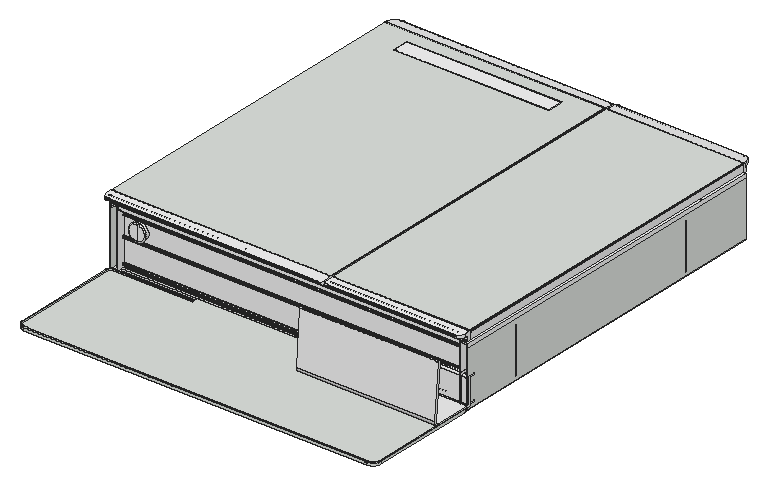
Revit family "Furniture-Lighted_Medicine_Cabinet-KOHLER-Family_Care-K-25238T_1", category Lighting Fixtures, host Face, Revit 2022
Family settings
  Host = Face
  Round Connector Dimension = Use Diameter
  Part Type = Normal
  OmniClass Number = 23.25.53.11.13.11
  OmniClass Title = Medicine Cabinet
  Cut with Voids When Loaded = No
  Light Source = Yes
  Maintain Annotation Orientation = No
  Shared = No
  Room Calculation Point = No
Parameters (values of type "NA-Mild Silver")
  Width = 30 141/256"  # constant formula
  Wattage Comments = "15W"  # constant formula
  Wattage = 8.75174 W
  WaterSense Certified = 1 = 0  # no
  built-in parameter 1150110 = 1 (stored number, unit not read)
  Voltage = 12 V  # constant formula
  URL = "http://www.kohler.com.cn/"
  Type = 1
  built-in parameter 1114217 = 1 (stored number, unit not read)
  built-in parameter 1150109 = 1 (stored number, unit not read)
  built-in parameter 1150134 = (empty or 0)
  built-in parameter 1150113 = 1 (stored number, unit not read)
  Product Page URL = "https://www.kohler.com.cn/product/K-25238T-NA/K-25238T-NA/"
  Product Name = "Family Care"  # constant formula
  Product Documentation Link = "https://files.kohler.com.cn/pdfs/1544090975864_25237T25238T25239T%E4%BA%B2%E6%82%A6%E9%95%9C%E6%9F%9C(%E9%93%B6%E8%89%B2)%E8%AF%B4%E6%98%8E%E4%B9%A6.pdf"
  Model = "K-25238T-NA"  # constant formula
  Material = "Premium Metal Construction"  # constant formula
  Master Format 2014 Name = "Storage Cabinets"  # constant formula
  Master Format 2014 = "41 53 13"  # constant formula
  Manufacturer Address = "Kohler Beijing Office (100016) 36-2-03-B, No. 88, Liuxiang Road, Beijing"  # constant formula
  Manufacturer = "Kohler Co."  # constant formula
  built-in parameter 1150105 = 413.8 (stored number, unit not read)
  Lumens = 1300 lm
  built-in parameter 1150115 = 1 (stored number, unit not read)
  Light Source Symbol Size = 3"  # constant formula
  built-in parameter 1150137 = (empty or 0)
  built-in parameter 1150139 = (empty or 0)
  Length = 6 3/64"  # constant formula
  built-in parameter 1150112 = 1 (stored number, unit not read)
  built-in parameter 1150114 = 1 (stored number, unit not read)
  Lamp = "LED"  # constant formula
  built-in parameter 1150132 = 2
  built-in parameter 1150102 = (empty or 0)
  built-in parameter 1150107 = 3000 (stored number, unit not read)
  built-in parameter 1150138 = (empty or 0)
  built-in parameter 1150106 = 4.138 (stored number, unit not read)
  Height = 40 71/256"  # constant formula
  Hardware Included = 0 = 1  # no
  Finish = KOHLER-Metal-NA-Mild_Silver
  Environmental Product Declaration = ""
  Emit from Line Length = 24"
  Electrical Note = "One Dedicated Circuit Required "  # constant formula
  Electrical Connector = 1 = 1  # yes
  built-in parameter 1150104 = 13.8 (stored number, unit not read)
  Dimming Lamp Color Temperature Shift = Incandescent Lamp Curve
  Description = "Medical Cabinet 800mm (Silver)"  # constant formula
  Default Elevation = 60"
  Declare Label = ""
  Date Modified = "05/19/2022"  # constant formula
  Date Created = "05/19/2022"  # constant formula
  Copyright = "Copyright Kohler Co."  # constant formula
  Contact Us = "http://www.kohler.com.cn/contact/contact-us/"
  Color Filter = 16777215
  built-in parameter 1114218 = 1 (stored number, unit not read)
  built-in parameter 1150133 = 10 (stored number, unit not read)
  Assembly Code = "E2010"
  Apparent Load = 15 VA  # constant formula
  ADA Compliant = 1 = 0  # no
Reference planes (in)
  plane 1 "Center (Front/Back)": y = 0
  plane 2: z = 0
  plane 3 "Center (Left/Right)": x = 0
  plane 4: x = -15.27559
  plane 5: y = 20.13955
  plane 6: y = 17.27615
  plane 7: x = -5.90551
  plane 8: x = 15.27519
  plane 9: y = -13.7126
  plane 10: y = -10.96457
  plane 11: y = -20.1378
  plane 12: x = 3.46457
  plane 13: x = 3.58228
  plane 14: z = 6.04687
  plane 15: z = 5.98683
  plane 16: z = 5.11811
Dimensions and locks (in)
  "Width": plane 4 to plane 8
  "Height": plane 5 to plane 11
  plane 4 to plane 12 = 18.74016"
  plane 13 to plane 8 = 11.69291"
  plane 11 to plane 1 "Center (Front/Back)" = 20.1378"
  "Length": plane 14 to level
  plane 16 to level = 5.11811"
  aligned and locked: plane 2 to host face
  aligned and locked: level to host face
Automatic sketch dimensions
  host sketch curve to host sketch curve = 96"  (x2)
Nested families (in)
  nested 1: "K-25238T" at (0, 4.5793, 0), type "K-25238T"
Connectors (in)
  electrical at (-5.90551, 17.27615, 0), driven by "Voltage", driven by "Apparent Load", driven by "Electrical Connector", driven by "Electrical Note"
    settings: on nested 1, index 1, voltage 12 V, apparent load 15 VA, apparent load phase1 0 VA, apparent load phase2 0 VA, apparent load phase3 0 VA, power factor 1, load classification "Lighting", number of poles 1, system type 30, power factor state 1, is connector primary yes, connector utility yes, sub classification motor no, connector description "One Dedicated Circuit Required "
Definition of nested family "K-25238T"
  Parameters (values of type "K-25238T")
    Material = none
    Default Elevation = 0"
  Reference planes (in)
    plane 1 "Center (Front/Back)": y = 0
    plane 2: z = 0
    plane 3 "Center (Left/Right)": x = 0
    plane 4: x = -15.27559
    plane 5: x = 15.27559
    plane 6: x = 3.46457
    plane 7: x = 3.58268
    plane 8: y = 15.55849
    plane 9: y = -24.7171
    plane 10: y = -15.54387
    plane 11: y = -18.2919
    plane 12: z = 5.11811
    plane 13: z = 6.04724
    plane 14: y = 12.69685
    plane 15: z = 5.98683
    plane 16 "A": x = -13.16142
    plane 17: y = -4.5793
    plane 18: y = -14.76378
    plane 19: x = -5.90551
  Forms (in)
    Extrusion 1, solid, material <- "Material", detail levels medium+fine
      sketch origin (0, 0, 0) x (0, 1, 0) y (0, 0, 1)
        loop
          line (14.76378, 4.82807) -> (14.76378, 5.11811) -> (14.05512, 5.11811) -> (14.05512, 0.35854)
          arc (14.05512, 0.35854) -> (14.02244, 0.27965) -> (13.94356, 0.24698) r 0.11156
          line (13.94356, 0.24698) -> (13.83265, 0.24698)
          arc (13.83265, 0.24698) -> (13.78523, 0.22229) -> (13.77825, 0.16929) r 0.05789
          line (13.77825, 0.16929) -> (13.82874, 0.16929)
          arc (13.82874, 0.16929) -> (13.84415, 0.17719) -> (13.85685, 0.18898) r 0.0632
          line (13.85685, 0.18898) -> (14.2838, 0.18898) -> (14.2838, 0) -> (14.36417, 0) -> (14.36417, 0.19528)
          arc (14.36417, 0.19528) -> (14.34723, 0.23619) -> (14.30633, 0.25313) r 0.05785
          line (14.30633, 0.25313) -> (14.18034, 0.25313)
          arc (14.18034, 0.25313) -> (14.16158, 0.2609) -> (14.15381, 0.27966) r 0.02653
          line (14.15381, 0.27966) -> (14.15381, 0.34966)
          arc (14.15381, 0.34966) -> (14.16024, 0.36423) -> (14.17535, 0.36928) r 0.0197
          arc (14.17535, 0.36928) -> (14.20822, 0.3724) -> (14.23765, 0.38739) r 0.08825
          arc (14.23765, 0.38739) -> (14.24643, 0.42239) -> (14.2145, 0.4392) r 0.02921
          arc (14.2145, 0.4392) -> (14.12476, 0.48973) -> (14.2145, 0.54026) r 0.05909
          arc (14.2145, 0.54026) -> (14.24643, 0.55707) -> (14.23765, 0.59207) r 0.02921
          arc (14.23765, 0.59207) -> (14.20822, 0.60706) -> (14.17535, 0.61018) r 0.08825
          arc (14.17535, 0.61018) -> (14.16024, 0.61523) -> (14.15381, 0.62979) r 0.0197
          line (14.15381, 0.62979) -> (14.15381, 2.41867)
          arc (14.15381, 2.41867) -> (14.16024, 2.43324) -> (14.17535, 2.43828) r 0.0197
          arc (14.17535, 2.43828) -> (14.20822, 2.4414) -> (14.23765, 2.45639) r 0.08825
          arc (14.23765, 2.45639) -> (14.24643, 2.49139) -> (14.2145, 2.50821) r 0.02921
          arc (14.2145, 2.50821) -> (14.12476, 2.55873) -> (14.2145, 2.60926) r 0.05909
          arc (14.2145, 2.60926) -> (14.24643, 2.62607) -> (14.23765, 2.66108) r 0.02921
          arc (14.23765, 2.66108) -> (14.20822, 2.67606) -> (14.17535, 2.67918) r 0.08825
          arc (14.17535, 2.67918) -> (14.16024, 2.68423) -> (14.15381, 2.6988) r 0.0197
          line (14.15381, 2.6988) -> (14.15381, 4.19084)
          arc (14.15381, 4.19084) -> (14.16024, 4.2054) -> (14.17535, 4.21045) r 0.0197
          arc (14.17535, 4.21045) -> (14.20822, 4.21357) -> (14.23765, 4.22856) r 0.08825
          arc (14.23765, 4.22856) -> (14.24643, 4.26356) -> (14.2145, 4.28037) r 0.02921
          arc (14.2145, 4.28037) -> (14.12476, 4.3309) -> (14.2145, 4.38143) r 0.05909
          arc (14.2145, 4.38143) -> (14.24643, 4.39824) -> (14.23765, 4.43324) r 0.02921
          arc (14.23765, 4.43324) -> (14.20822, 4.44823) -> (14.17535, 4.45135) r 0.08825
          arc (14.17535, 4.45135) -> (14.16024, 4.4564) -> (14.15381, 4.47096) r 0.0197
          line (14.15381, 4.47096) -> (14.15381, 4.99029)
          arc (14.15381, 4.99029) -> (14.16241, 5.01108) -> (14.1832, 5.01969) r 0.02939
          line (14.1832, 5.01969) -> (14.66465, 5.01969) -> (14.66465, 4.86948) -> (14.62511, 4.86948) -> (14.62511, 4.80315) -> (14.73886, 4.80315)
          arc (14.73886, 4.80315) -> (14.75648, 4.81045) -> (14.76378, 4.82807) r 0.02492
        loop
          arc (-14.76378, 4.82807) -> (-14.75648, 4.81045) -> (-14.73886, 4.80315) r 0.02492
          line (-14.73886, 4.80315) -> (-14.62511, 4.80315) -> (-14.62511, 4.86948) -> (-14.66465, 4.86948) -> (-14.66465, 5.01969) -> (-14.1832, 5.01969)
          arc (-14.1832, 5.01969) -> (-14.16241, 5.01108) -> (-14.15381, 4.99029) r 0.02939
          line (-14.15381, 4.99029) -> (-14.15381, 4.47096)
          arc (-14.15381, 4.47096) -> (-14.16024, 4.4564) -> (-14.17535, 4.45135) r 0.0197
          arc (-14.17535, 4.45135) -> (-14.20822, 4.44823) -> (-14.23765, 4.43324) r 0.08825
          arc (-14.23765, 4.43324) -> (-14.24643, 4.39824) -> (-14.2145, 4.38143) r 0.02921
          arc (-14.2145, 4.38143) -> (-14.12476, 4.3309) -> (-14.2145, 4.28037) r 0.05909
          arc (-14.2145, 4.28037) -> (-14.24643, 4.26356) -> (-14.23765, 4.22856) r 0.02921
          arc (-14.23765, 4.22856) -> (-14.20822, 4.21357) -> (-14.17535, 4.21045) r 0.08825
          arc (-14.17535, 4.21045) -> (-14.16024, 4.2054) -> (-14.15381, 4.19084) r 0.0197
          line (-14.15381, 4.19084) -> (-14.15381, 2.6988)
          arc (-14.15381, 2.6988) -> (-14.16024, 2.68423) -> (-14.17535, 2.67918) r 0.0197
          arc (-14.17535, 2.67918) -> (-14.20822, 2.67606) -> (-14.23765, 2.66108) r 0.08825
          arc (-14.23765, 2.66108) -> (-14.24643, 2.62607) -> (-14.2145, 2.60926) r 0.02921
          arc (-14.2145, 2.60926) -> (-14.12476, 2.55873) -> (-14.2145, 2.50821) r 0.05909
          arc (-14.2145, 2.50821) -> (-14.24643, 2.49139) -> (-14.23765, 2.45639) r 0.02921
          arc (-14.23765, 2.45639) -> (-14.20822, 2.4414) -> (-14.17535, 2.43828) r 0.08825
          arc (-14.17535, 2.43828) -> (-14.16024, 2.43324) -> (-14.15381, 2.41867) r 0.0197
          line (-14.15381, 2.41867) -> (-14.15381, 0.62979)
          arc (-14.15381, 0.62979) -> (-14.16024, 0.61523) -> (-14.17535, 0.61018) r 0.0197
          arc (-14.17535, 0.61018) -> (-14.20822, 0.60706) -> (-14.23765, 0.59207) r 0.08825
          arc (-14.23765, 0.59207) -> (-14.24643, 0.55707) -> (-14.2145, 0.54026) r 0.02921
          arc (-14.2145, 0.54026) -> (-14.12476, 0.48973) -> (-14.2145, 0.4392) r 0.05909
          arc (-14.2145, 0.4392) -> (-14.24643, 0.42239) -> (-14.23765, 0.38739) r 0.02921
          arc (-14.23765, 0.38739) -> (-14.20822, 0.3724) -> (-14.17535, 0.36928) r 0.08825
          arc (-14.17535, 0.36928) -> (-14.16024, 0.36423) -> (-14.15381, 0.34966) r 0.0197
          line (-14.15381, 0.34966) -> (-14.15381, 0.27966)
          arc (-14.15381, 0.27966) -> (-14.16158, 0.2609) -> (-14.18034, 0.25313) r 0.02653
          line (-14.18034, 0.25313) -> (-14.30633, 0.25313)
          arc (-14.30633, 0.25313) -> (-14.34723, 0.23619) -> (-14.36417, 0.19528) r 0.05785
          line (-14.36417, 0.19528) -> (-14.36417, 0) -> (-14.2838, 0) -> (-14.2838, 0.18898) -> (-13.85685, 0.18898)
          arc (-13.85685, 0.18898) -> (-13.84415, 0.17719) -> (-13.82874, 0.16929) r 0.0632
          line (-13.82874, 0.16929) -> (-13.77825, 0.16929)
          arc (-13.77825, 0.16929) -> (-13.78523, 0.22229) -> (-13.83265, 0.24698) r 0.05789
          line (-13.83265, 0.24698) -> (-13.94356, 0.24698)
          arc (-13.94356, 0.24698) -> (-14.02244, 0.27965) -> (-14.05512, 0.35854) r 0.11156
          line (-14.05512, 0.35854) -> (-14.05512, 5.11811) -> (-14.76378, 5.11811) -> (-14.76378, 4.82807)
      from -14.56542 to 14.56693
    Extrusion 2, solid, material <- "Material", detail levels medium+fine
      sketch origin (0, 0, 0) x (1, 0, 0) y (0, 0, 1)
        loop
          line (-14.56542, 5.11811) -> (-15.27559, 5.11811) -> (-15.27559, 4.80364) -> (-15.13697, 4.80364) -> (-15.13697, 4.89196) -> (-15.17768, 4.89196) -> (-15.17768, 5.0188) -> (-14.66517, 5.0188) -> (-14.66517, 2.74807)
          arc (-14.66517, 2.74807) -> (-14.66808, 2.71618) -> (-14.67673, 2.68534) r 0.17603
          line (-14.67673, 2.68534) -> (-14.67673, 2.42974)
          arc (-14.67673, 2.42974) -> (-14.66818, 2.41159) -> (-14.66524, 2.39174) r 0.06858
          line (-14.66524, 2.39174) -> (-14.66524, 0.28713) -> (-15.02378, 0.28713) -> (-15.02378, 0) -> (-14.94468, 0) -> (-14.94468, 0.16282)
          arc (-14.94468, 0.16282) -> (-14.93713, 0.18106) -> (-14.91889, 0.18861) r 0.02579
          line (-14.91889, 0.18861) -> (-14.63306, 0.18861) -> (-14.60331, 0.16929) -> (-14.56542, 0.16929) -> (-14.56542, 5.11811)
      from -14.76378 to 14.76378
    Extrusion 3, solid, material <- "Material", detail levels medium+fine
      sketch origin (0, 0, 0) x (-1, 0, 0) y (0, 0, -1)
        loop
          line (-14.56542, -5.11811) -> (-14.56542, -0.16929) -> (-14.60331, -0.16929) -> (-14.63306, -0.18861) -> (-14.91889, -0.18861)
          arc (-14.91889, -0.18861) -> (-14.93713, -0.18106) -> (-14.94468, -0.16282) r 0.02579
          line (-14.94468, -0.16282) -> (-14.94468, 0) -> (-15.02378, 0) -> (-15.02378, -0.28713) -> (-14.66524, -0.28713) -> (-14.66524, -2.39174)
          arc (-14.66524, -2.39174) -> (-14.66818, -2.41159) -> (-14.67673, -2.42974) r 0.06858
          line (-14.67673, -2.42974) -> (-14.67673, -2.68534)
          arc (-14.67673, -2.68534) -> (-14.66808, -2.71618) -> (-14.66517, -2.74807) r 0.17603
          line (-14.66517, -2.74807) -> (-14.66517, -5.0188) -> (-15.17768, -5.0188) -> (-15.17768, -4.89196) -> (-15.13697, -4.89196) -> (-15.13697, -4.80364) -> (-15.27559, -4.80364) -> (-15.27559, -5.11811) -> (-14.56542, -5.11811)
      from -14.76378 to 14.76378
    Extrusion 4, solid, detail levels medium+fine
      sketch origin (0, 0, 0) x (1, 0, 0) y (0, 0, 1)
        loop
          line (15.27559, 0.07874) -> (15.27559, 4.76378) -> (15.23622, 4.80315) -> (15.19685, 4.80315) -> (15.15748, 4.76378) -> (15.15748, 0.07874) -> (15.19685, 0.03937) -> (15.23622, 0.03937) -> (15.27559, 0.07874)
        loop
          line (-15.27559, 0.07874) -> (-15.23622, 0.03937) -> (-15.19685, 0.03937) -> (-15.15748, 0.07874) -> (-15.15748, 4.76378) -> (-15.19685, 4.80315) -> (-15.23622, 4.80315) -> (-15.27559, 4.76378) -> (-15.27559, 0.07874)
      from -14.76378 to 14.76378
    Extrusion 5, solid, material <- "Material"
      sketch origin (0, 0, 0) x (1, 0, 0) y (0, 1, 0)
        loop
          line (-14.44574, 10.93525) -> (-13.87809, 10.93525)
          arc (-13.87809, 10.93525) -> (-13.73545, 10.53192) -> (-13.87809, 10.12859) r 0.64152
          line (-13.87809, 10.12859) -> (-14.4399, 10.12859) -> (-14.4399, 9.49149)
          arc (-14.4399, 9.49149) -> (-14.41568, 9.43303) -> (-14.35722, 9.40882) r 0.08268
          line (-14.35722, 9.40882) -> (-13.31834, 9.40882)
          arc (-13.31834, 9.40882) -> (-13.26081, 9.43264) -> (-13.23699, 9.49016) r 0.08135
          line (-13.23699, 9.49016) -> (-13.23699, 11.57278)
          arc (-13.23699, 11.57278) -> (-13.2612, 11.63124) -> (-13.31967, 11.65546) r 0.08268
          line (-13.31967, 11.65546) -> (-14.36307, 11.65546)
          arc (-14.36307, 11.65546) -> (-14.42153, 11.63124) -> (-14.44574, 11.57278) r 0.08268
          line (-14.44574, 11.57278) -> (-14.44574, 10.93525)
        loop
          line (14.44574, 10.93525) -> (14.44574, 11.57278)
          arc (14.44574, 11.57278) -> (14.42153, 11.63124) -> (14.36307, 11.65546) r 0.08268
          line (14.36307, 11.65546) -> (13.31967, 11.65546)
          arc (13.31967, 11.65546) -> (13.2612, 11.63124) -> (13.23699, 11.57278) r 0.08268
          line (13.23699, 11.57278) -> (13.23699, 9.49016)
          arc (13.23699, 9.49016) -> (13.26081, 9.43264) -> (13.31834, 9.40882) r 0.08135
          line (13.31834, 9.40882) -> (14.35722, 9.40882)
          arc (14.35722, 9.40882) -> (14.41568, 9.43303) -> (14.4399, 9.49149) r 0.08268
          line (14.4399, 9.49149) -> (14.4399, 10.12859) -> (13.87809, 10.12859)
          arc (13.87809, 10.12859) -> (13.73545, 10.53192) -> (13.87809, 10.93525) r 0.64152
          line (13.87809, 10.93525) -> (14.44574, 10.93525)
        loop
          line (-14.44574, -12.42575) -> (-14.44574, -13.06328)
          arc (-14.44574, -13.06328) -> (-14.42153, -13.12174) -> (-14.36307, -13.14596) r 0.08268
          line (-14.36307, -13.14596) -> (-13.31967, -13.14596)
          arc (-13.31967, -13.14596) -> (-13.2612, -13.12174) -> (-13.23699, -13.06328) r 0.08268
          line (-13.23699, -13.06328) -> (-13.23699, -10.98067)
          arc (-13.23699, -10.98067) -> (-13.26081, -10.92315) -> (-13.31834, -10.89932) r 0.08135
          line (-13.31834, -10.89932) -> (-14.35722, -10.89932)
          arc (-14.35722, -10.89932) -> (-14.41568, -10.92354) -> (-14.4399, -10.982) r 0.08268
          line (-14.4399, -10.982) -> (-14.4399, -11.61909) -> (-13.87809, -11.61909)
          arc (-13.87809, -11.61909) -> (-13.73545, -12.02242) -> (-13.87809, -12.42575) r 0.64152
          line (-13.87809, -12.42575) -> (-14.44574, -12.42575)
        loop
          line (14.44574, -12.42575) -> (13.87809, -12.42575)
          arc (13.87809, -12.42575) -> (13.73545, -12.02242) -> (13.87809, -11.61909) r 0.64152
          line (13.87809, -11.61909) -> (14.4399, -11.61909) -> (14.4399, -10.982)
          arc (14.4399, -10.982) -> (14.41568, -10.92354) -> (14.35722, -10.89932) r 0.08268
          line (14.35722, -10.89932) -> (13.31834, -10.89932)
          arc (13.31834, -10.89932) -> (13.26081, -10.92315) -> (13.23699, -10.98067) r 0.08135
          line (13.23699, -10.98067) -> (13.23699, -13.06328)
          arc (13.23699, -13.06328) -> (13.2612, -13.12174) -> (13.31967, -13.14596) r 0.08268
          line (13.31967, -13.14596) -> (14.36307, -13.14596)
          arc (14.36307, -13.14596) -> (14.42153, -13.12174) -> (14.44574, -13.06328) r 0.08268
          line (14.44574, -13.06328) -> (14.44574, -12.42575)
      from 4.86948 to 5.34498
    Extrusion 6, solid, material <- "Material", detail levels medium+fine
      sketch origin (0, 0, 0) x (1, 0, 0) y (0, 1, 0)
        loop
          line (-14.56542, -13.77825) -> (14.56542, -13.77825) -> (14.56542, 13.77825) -> (-14.56542, 13.77825) -> (-14.56542, -13.77825)
      from 4.76378 to 5.11811
    Sweep 7, solid, detail levels medium+fine
      path origin (0, 0, 0) x (1, 0, 0) y (0, 1, 0)
        loop
          line (-8.08268, -14.78346) -> (-14.95791, -14.78346)
          arc (-14.95791, -14.78346) -> (-15.18254, -14.87651) -> (-15.27559, -15.10114) r 0.31768
          line (-15.27559, -15.10114) -> (-15.27559, -24.0305)
          arc (-15.27559, -24.0305) -> (-15.07449, -24.516) -> (-14.58899, -24.7171) r 0.6866
          line (-14.58899, -24.7171) -> (14.58899, -24.7171)
          arc (14.58899, -24.7171) -> (15.07449, -24.516) -> (15.27559, -24.0305) r 0.6866
          line (15.27559, -24.0305) -> (15.27559, -15.10114)
          arc (15.27559, -15.10114) -> (15.18254, -14.87651) -> (14.95791, -14.78346) r 0.31768
          line (14.95791, -14.78346) -> (8.08268, -14.78346)
      profile origin (0, -24.7171, 0) x (0, 1, 0) y (0, 0, 1)
        loop
          line (0, 0.18958) -> (0, 0) -> (0.11669, 0) -> (0.11669, 0.22441) -> (0.03483, 0.22441)
          arc (0.03483, 0.22441) -> (0.0102, 0.21421) -> (0, 0.18958) r 0.03483
    Extrusion 8, solid, detail levels medium+fine
      sketch origin (0, 0, 0) x (1, 0, 0) y (0, 1, 0)
        loop
          arc (-14.95791, -14.90016) -> (-15.10003, -14.95903) -> (-15.1589, -15.10114) r 0.20098
          line (-15.1589, -15.10114) -> (-15.1589, -24.0305)
          arc (-15.1589, -24.0305) -> (-14.99197, -24.43348) -> (-14.58899, -24.6004) r 0.5699
          line (-14.58899, -24.6004) -> (14.58899, -24.6004)
          arc (14.58899, -24.6004) -> (14.99197, -24.43348) -> (15.1589, -24.0305) r 0.5699
          line (15.1589, -24.0305) -> (15.1589, -15.10114)
          arc (15.1589, -15.10114) -> (15.10003, -14.95903) -> (14.95791, -14.90016) r 0.20098
          line (14.95791, -14.90016) -> (8.08268, -14.90016) -> (8.08268, -14.36417) -> (-8.08268, -14.36417) -> (-8.08268, -14.90016) -> (-14.95791, -14.90016)
      from 0 to 0.17323
    Extrusion 9, solid, material <- "Material", detail levels medium+fine
      sketch origin (0, 0, 0) x (1, 0, 0) y (0, 1, 0)
        loop
          arc (-14.67058, -8.80667) -> (-14.67864, -8.78164) -> (-14.69981, -8.76604) r 0.04285
          line (-14.69981, -8.76604) -> (-15.06048, -8.64516)
          arc (-15.06048, -8.64516) -> (-15.07902, -8.63149) -> (-15.08609, -8.60957) r 0.03754
          line (-15.08609, -8.60957) -> (-15.08609, -7.87455) -> (-15.11759, -7.87455) -> (-15.11759, -8.60957)
          arc (-15.11759, -8.60957) -> (-15.10459, -8.64989) -> (-15.07049, -8.67502) r 0.06904
          line (-15.07049, -8.67502) -> (-14.70207, -8.7985) -> (-14.70207, -9.31389) -> (-15.06124, -9.43059)
          arc (-15.06124, -9.43059) -> (-15.10235, -9.46046) -> (-15.11805, -9.50879) r 0.08222
          line (-15.11805, -9.50879) -> (-15.11805, -10.23644) -> (-15.08655, -10.23644) -> (-15.08655, -9.50879)
          arc (-15.08655, -9.50879) -> (-15.07687, -9.47898) -> (-15.0515, -9.46055) r 0.05073
          line (-15.0515, -9.46055) -> (-14.70541, -9.3481)
          arc (-14.70541, -9.3481) -> (-14.68021, -9.32978) -> (-14.67058, -9.30015) r 0.05042
          line (-14.67058, -9.30015) -> (-14.67058, -8.80667)
        loop
          line (14.67058, -8.80667) -> (14.67058, -9.30015)
          arc (14.67058, -9.30015) -> (14.68021, -9.32978) -> (14.70541, -9.3481) r 0.05042
          line (14.70541, -9.3481) -> (15.0515, -9.46055)
          arc (15.0515, -9.46055) -> (15.07687, -9.47898) -> (15.08655, -9.50879) r 0.05073
          line (15.08655, -9.50879) -> (15.08655, -10.23644) -> (15.11805, -10.23644) -> (15.11805, -9.50879)
          arc (15.11805, -9.50879) -> (15.10235, -9.46046) -> (15.06124, -9.43059) r 0.08222
          line (15.06124, -9.43059) -> (14.70207, -9.31389) -> (14.70207, -8.7985) -> (15.07049, -8.67502)
          arc (15.07049, -8.67502) -> (15.10459, -8.64989) -> (15.11759, -8.60957) r 0.06904
          line (15.11759, -8.60957) -> (15.11759, -7.87455) -> (15.08609, -7.87455) -> (15.08609, -8.60957)
          arc (15.08609, -8.60957) -> (15.07902, -8.63149) -> (15.06048, -8.64516) r 0.03754
          line (15.06048, -8.64516) -> (14.69981, -8.76604)
          arc (14.69981, -8.76604) -> (14.67864, -8.78164) -> (14.67058, -8.80667) r 0.04285
        loop
          line (-14.67058, 8.80667) -> (-14.67058, 9.30015)
          arc (-14.67058, 9.30015) -> (-14.68021, 9.32978) -> (-14.70541, 9.3481) r 0.05042
          line (-14.70541, 9.3481) -> (-15.0515, 9.46055)
          arc (-15.0515, 9.46055) -> (-15.07687, 9.47898) -> (-15.08655, 9.50879) r 0.05073
          line (-15.08655, 9.50879) -> (-15.08655, 10.23644) -> (-15.11805, 10.23644) -> (-15.11805, 9.50879)
          arc (-15.11805, 9.50879) -> (-15.10235, 9.46046) -> (-15.06124, 9.43059) r 0.08222
          line (-15.06124, 9.43059) -> (-14.70207, 9.31389) -> (-14.70207, 8.7985) -> (-15.07049, 8.67502)
          arc (-15.07049, 8.67502) -> (-15.10459, 8.64989) -> (-15.11759, 8.60957) r 0.06904
          line (-15.11759, 8.60957) -> (-15.11759, 7.87455) -> (-15.08609, 7.87455) -> (-15.08609, 8.60957)
          arc (-15.08609, 8.60957) -> (-15.07902, 8.63149) -> (-15.06048, 8.64516) r 0.03754
          line (-15.06048, 8.64516) -> (-14.69981, 8.76604)
          arc (-14.69981, 8.76604) -> (-14.67864, 8.78164) -> (-14.67058, 8.80667) r 0.04285
        loop
          arc (14.67058, 8.80667) -> (14.67864, 8.78164) -> (14.69981, 8.76604) r 0.04285
          line (14.69981, 8.76604) -> (15.06048, 8.64516)
          arc (15.06048, 8.64516) -> (15.07902, 8.63149) -> (15.08609, 8.60957) r 0.03754
          line (15.08609, 8.60957) -> (15.08609, 7.87455) -> (15.11759, 7.87455) -> (15.11759, 8.60957)
          arc (15.11759, 8.60957) -> (15.10459, 8.64989) -> (15.07049, 8.67502) r 0.06904
          line (15.07049, 8.67502) -> (14.70207, 8.7985) -> (14.70207, 9.31389) -> (15.06124, 9.43059)
          arc (15.06124, 9.43059) -> (15.10235, 9.46046) -> (15.11805, 9.50879) r 0.08222
          line (15.11805, 9.50879) -> (15.11805, 10.23644) -> (15.08655, 10.23644) -> (15.08655, 9.50879)
          arc (15.08655, 9.50879) -> (15.07687, 9.47898) -> (15.0515, 9.46055) r 0.05073
          line (15.0515, 9.46055) -> (14.70541, 9.3481)
          arc (14.70541, 9.3481) -> (14.68021, 9.32978) -> (14.67058, 9.30015) r 0.05042
          line (14.67058, 9.30015) -> (14.67058, 8.80667)
      from 0.24698 to 5.0188
    Extrusion 10, solid, material <- "Material", detail levels medium+fine
      sketch origin (0, 0, 0) x (0, 1, 0) y (0, 0, 1)
        loop
          line (14.8563, 0) -> (14.8563, 0.19094) -> (14.47047, 0.19094) -> (14.47047, 0.25) -> (14.3553, 0.50194)
          arc (14.3553, 0.50194) -> (14.34036, 0.51917) -> (14.31849, 0.52559) r 0.04047
          line (14.31849, 0.52559) -> (14.24357, 0.52559)
          arc (14.24357, 0.52559) -> (14.2508, 0.4793) -> (14.22756, 0.43862) r 0.07087
          arc (14.22756, 0.43862) -> (14.24842, 0.41611) -> (14.23765, 0.38739) r 0.02921
          arc (14.23765, 0.38739) -> (14.20822, 0.3724) -> (14.17535, 0.36928) r 0.08825
          arc (14.17535, 0.36928) -> (14.16024, 0.36423) -> (14.15381, 0.34966) r 0.0197
          line (14.15381, 0.34966) -> (14.15381, 0.27966)
          arc (14.15381, 0.27966) -> (14.16158, 0.2609) -> (14.18034, 0.25313) r 0.02653
          line (14.18034, 0.25313) -> (14.30633, 0.25313)
          arc (14.30633, 0.25313) -> (14.34723, 0.23619) -> (14.36417, 0.19528) r 0.05785
          line (14.36417, 0.19528) -> (14.36417, 0) -> (14.8563, 0)
      from 9.52756 to 11.02362
    Extrusion 11, solid, material <- "Material", detail levels medium+fine
      sketch origin (0, 0, 0) x (0, 1, 0) y (0, 0, -1)
        loop
          line (14.8563, 0) -> (14.36417, 0) -> (14.36417, -0.19528)
          arc (14.36417, -0.19528) -> (14.34723, -0.23619) -> (14.30633, -0.25313) r 0.05785
          line (14.30633, -0.25313) -> (14.18034, -0.25313)
          arc (14.18034, -0.25313) -> (14.16158, -0.2609) -> (14.15381, -0.27966) r 0.02653
          line (14.15381, -0.27966) -> (14.15381, -0.34966)
          arc (14.15381, -0.34966) -> (14.16024, -0.36423) -> (14.17535, -0.36928) r 0.0197
          arc (14.17535, -0.36928) -> (14.20822, -0.3724) -> (14.23765, -0.38739) r 0.08825
          arc (14.23765, -0.38739) -> (14.24842, -0.41611) -> (14.22756, -0.43862) r 0.02921
          arc (14.22756, -0.43862) -> (14.2508, -0.4793) -> (14.24357, -0.52559) r 0.07087
          line (14.24357, -0.52559) -> (14.31849, -0.52559)
          arc (14.31849, -0.52559) -> (14.34036, -0.51917) -> (14.3553, -0.50194) r 0.04047
          line (14.3553, -0.50194) -> (14.47047, -0.25) -> (14.47047, -0.19094) -> (14.8563, -0.19094) -> (14.8563, 0)
      from 9.52756 to 11.02362
    Extrusion 12, solid, material <- "Material", detail levels medium+fine
      sketch origin (0, 0, 0) x (1, 0, 0) y (0, 1, 0)
        loop
          line (14.56542, 13.77825) -> (-14.56542, 13.77825) -> (-14.56542, -13.77825) -> (14.56542, -13.77825) -> (14.56542, 13.77825)
      from 0 to 0.18861
    Extrusion 13, solid, material <- "Material"
      sketch origin (0, 0, 0) x (0, 1, 0) y (0, 0, 1)
        loop
          arc (15.55849, 5.8922) -> (15.55104, 5.91203) -> (15.53237, 5.92205) r 0.03012
          line (15.53237, 5.92205) -> (14.58948, 6.04817)
          arc (14.58948, 6.04817) -> (14.57373, 6.04342) -> (14.56693, 6.02843) r 0.01991
          line (14.56693, 6.02843) -> (14.56693, 5.32951)
          arc (14.56693, 5.32951) -> (14.57393, 5.31261) -> (14.59083, 5.30561) r 0.0239
          line (14.59083, 5.30561) -> (14.73044, 5.30561)
          arc (14.73044, 5.30561) -> (14.75393, 5.31534) -> (14.76366, 5.33883) r 0.03322
          line (14.76366, 5.33883) -> (14.76366, 5.57974)
          arc (14.76366, 5.57974) -> (14.82132, 5.71893) -> (14.96051, 5.77659) r 0.19685
          line (14.96051, 5.77659) -> (15.52014, 5.77659)
          arc (15.52014, 5.77659) -> (15.54726, 5.78782) -> (15.55849, 5.81494) r 0.03835
          line (15.55849, 5.81494) -> (15.55849, 5.8922)
        loop
          line (-15.53157, 5.8922) -> (-15.53157, 5.81494)
          arc (-15.53157, 5.81494) -> (-15.52033, 5.78782) -> (-15.49321, 5.77659) r 0.03835
          line (-15.49321, 5.77659) -> (-14.96051, 5.77659)
          arc (-14.96051, 5.77659) -> (-14.82132, 5.71893) -> (-14.76366, 5.57974) r 0.19685
          line (-14.76366, 5.57974) -> (-14.76366, 5.33883)
          arc (-14.76366, 5.33883) -> (-14.75393, 5.31534) -> (-14.73044, 5.30561) r 0.03322
          line (-14.73044, 5.30561) -> (-14.59083, 5.30561)
          arc (-14.59083, 5.30561) -> (-14.57393, 5.31261) -> (-14.56693, 5.32951) r 0.0239
          line (-14.56693, 5.32951) -> (-14.56693, 6.02483)
          arc (-14.56693, 6.02483) -> (-14.57373, 6.03982) -> (-14.58948, 6.04457) r 0.01991
          line (-14.58948, 6.04457) -> (-15.50544, 5.92205)
          arc (-15.50544, 5.92205) -> (-15.52411, 5.91203) -> (-15.53157, 5.8922) r 0.03012
      from -15.27559 to 15.27559
    Extrusion 14, void
      sketch origin (0, 0, 0) x (1, 0, 0) y (0, 1, 0)
        loop
          line (-14.48819, 15.55849) -> (-15.27559, 15.55849) -> (-15.27559, 14.77109)
          arc (-15.27559, 14.77109) -> (-15.04497, 15.32787) -> (-14.48819, 15.55849) r 0.7874
        loop
          line (3.77953, 15.55849) -> (3.26772, 15.55849)
          arc (3.26772, 15.55849) -> (3.40691, 15.50084) -> (3.46457, 15.36164) r 0.19685
          line (3.46457, 15.36164) -> (3.46457, 14.07755) -> (3.58268, 14.07755) -> (3.58268, 15.36164)
          arc (3.58268, 15.36164) -> (3.64033, 15.50084) -> (3.77953, 15.55849) r 0.19685
        loop
          line (15.27559, 15.55849) -> (14.48819, 15.55849)
          arc (14.48819, 15.55849) -> (15.04497, 15.32787) -> (15.27559, 14.77109) r 0.7874
          line (15.27559, 14.77109) -> (15.27559, 15.55849)
      from 4.37698 to 6.80846
    Extrusion 15, void
      sketch origin (0, 0, 0) x (1, 0, 0) y (0, 1, 0)
        loop
          line (3.46457, -13.29485) -> (3.46457, -15.34702)
          arc (3.46457, -15.34702) -> (3.40691, -15.48621) -> (3.26772, -15.54387) r 0.19685
          line (3.26772, -15.54387) -> (3.77953, -15.54387)
          arc (3.77953, -15.54387) -> (3.64033, -15.48621) -> (3.58268, -15.34702) r 0.19685
          line (3.58268, -15.34702) -> (3.58268, -13.29485) -> (3.46457, -13.29485)
      from 4.76378 to 6.91541
    Extrusion 16, void
      sketch origin (0, 0, 0) x (1, 0, 0) y (0, 1, 0)
        loop
          line (-15.27559, -15.06182) -> (-15.27559, -15.53157) -> (-14.80585, -15.53157)
          arc (-14.80585, -15.53157) -> (-15.13801, -15.39398) -> (-15.27559, -15.06182) r 0.46974
        loop
          arc (15.27559, -15.06182) -> (15.13801, -15.39398) -> (14.80585, -15.53157) r 0.46974
          line (14.80585, -15.53157) -> (15.27559, -15.53157) -> (15.27559, -15.06182)
      from 4.80315 to 6.62772
    Extrusion 17, solid, material <- "Material"
      sketch origin (0, 0, 0) x (1, 0, 0) y (0, 0, 1)
        loop
          line (-15.27559, 5.89616) -> (-15.27559, 5.38287)
          arc (-15.27559, 5.38287) -> (-15.25296, 5.32824) -> (-15.19833, 5.30561) r 0.07726
          line (-15.19833, 5.30561) -> (3.42913, 5.30561)
          arc (3.42913, 5.30561) -> (3.45419, 5.31599) -> (3.46457, 5.34104) r 0.03543
          line (3.46457, 5.34104) -> (3.46457, 5.86073)
          arc (3.46457, 5.86073) -> (3.45419, 5.88578) -> (3.42913, 5.89616) r 0.03543
          line (3.42913, 5.89616) -> (-15.27559, 5.89616)
        loop
          line (15.27559, 5.30561) -> (15.27559, 5.87598)
          arc (15.27559, 5.87598) -> (15.26968, 5.89025) -> (15.25541, 5.89616) r 0.02018
          line (15.25541, 5.89616) -> (3.61573, 5.89616)
          arc (3.61573, 5.89616) -> (3.59236, 5.88648) -> (3.58268, 5.86311) r 0.03305
          line (3.58268, 5.86311) -> (3.58268, 5.32929)
          arc (3.58268, 5.32929) -> (3.58961, 5.31255) -> (3.60636, 5.30561) r 0.02368
          line (3.60636, 5.30561) -> (15.27559, 5.30561)
      from -14.56693 to 14.62511
    Extrusion 18, solid, material <- "Material"
      sketch origin (0, 0, 0) x (1, 0, 0) y (0, 1, 0)
        loop
          arc (3.35837, 14.66066) -> (3.34684, 14.68849) -> (3.319, 14.70003) r 0.03937
          line (3.319, 14.70003) -> (2.89785, 14.70003)
          arc (2.89785, 14.70003) -> (2.8705, 14.6887) -> (2.85918, 14.66136) r 0.03867
          line (2.85918, 14.66136) -> (2.85918, 14.23874)
          arc (2.85918, 14.23874) -> (2.87071, 14.2109) -> (2.89855, 14.19937) r 0.03937
          line (2.89855, 14.19937) -> (3.319, 14.19937)
          arc (3.319, 14.19937) -> (3.34684, 14.2109) -> (3.35837, 14.23874) r 0.03937
          line (3.35837, 14.23874) -> (3.35837, 14.66066)
        loop
          arc (4.1875, 14.66066) -> (4.17597, 14.68849) -> (4.14813, 14.70003) r 0.03937
          line (4.14813, 14.70003) -> (3.72698, 14.70003)
          arc (3.72698, 14.70003) -> (3.69963, 14.6887) -> (3.68831, 14.66136) r 0.03867
          line (3.68831, 14.66136) -> (3.68831, 14.23874)
          arc (3.68831, 14.23874) -> (3.69984, 14.2109) -> (3.72768, 14.19937) r 0.03937
          line (3.72768, 14.19937) -> (4.14813, 14.19937)
          arc (4.14813, 14.19937) -> (4.17597, 14.2109) -> (4.1875, 14.23874) r 0.03937
          line (4.1875, 14.23874) -> (4.1875, 14.66066)
        loop
          line (2.56255, 2.96385) -> (2.56255, 5.69922)
          arc (2.56255, 5.69922) -> (2.54851, 5.73311) -> (2.51463, 5.74714) r 0.04792
          line (2.51463, 5.74714) -> (2.4165, 5.74714)
          arc (2.4165, 5.74714) -> (2.38058, 5.73227) -> (2.3657, 5.69635) r 0.0508
          line (2.3657, 5.69635) -> (2.3657, 2.96779)
          arc (2.3657, 2.96779) -> (2.38069, 2.9316) -> (2.41688, 2.91661) r 0.05118
          line (2.41688, 2.91661) -> (2.51531, 2.91661)
          arc (2.51531, 2.91661) -> (2.54871, 2.93045) -> (2.56255, 2.96385) r 0.04724
        loop
          line (3.35837, -14.66066) -> (3.35837, -14.23874)
          arc (3.35837, -14.23874) -> (3.34684, -14.2109) -> (3.319, -14.19937) r 0.03937
          line (3.319, -14.19937) -> (2.89855, -14.19937)
          arc (2.89855, -14.19937) -> (2.87071, -14.2109) -> (2.85918, -14.23874) r 0.03937
          line (2.85918, -14.23874) -> (2.85918, -14.66136)
          arc (2.85918, -14.66136) -> (2.8705, -14.6887) -> (2.89785, -14.70003) r 0.03867
          line (2.89785, -14.70003) -> (3.319, -14.70003)
          arc (3.319, -14.70003) -> (3.34684, -14.68849) -> (3.35837, -14.66066) r 0.03937
        loop
          line (4.1875, -14.66066) -> (4.1875, -14.23874)
          arc (4.1875, -14.23874) -> (4.17597, -14.2109) -> (4.14813, -14.19937) r 0.03937
          line (4.14813, -14.19937) -> (3.72768, -14.19937)
          arc (3.72768, -14.19937) -> (3.69984, -14.2109) -> (3.68831, -14.23874) r 0.03937
          line (3.68831, -14.23874) -> (3.68831, -14.66136)
          arc (3.68831, -14.66136) -> (3.69963, -14.6887) -> (3.72698, -14.70003) r 0.03867
          line (3.72698, -14.70003) -> (4.14813, -14.70003)
          arc (4.14813, -14.70003) -> (4.17597, -14.68849) -> (4.1875, -14.66066) r 0.03937
      from 5.0188 to 5.30561
    Extrusion 19, solid, material <- "Material"
      sketch origin (0, 0, 0) x (0, 1, 0) y (0, 0, 1)
        loop
          line (-17.83473, 5.11811) -> (-17.88973, 5.11811)
          arc (-17.88973, 5.11811) -> (-17.90423, 5.11247) -> (-17.91112, 5.09851) r 0.02147
          line (-17.91112, 5.09851) -> (-18.297, 0.68788)
          arc (-18.297, 0.68788) -> (-18.19506, 0.38759) -> (-17.90479, 0.25987) r 0.3937
          line (-17.90479, 0.25987) -> (-14.77951, 0.25987)
          arc (-14.77951, 0.25987) -> (-14.68388, 0.30047) -> (-14.64668, 0.39747) r 0.13291
          arc (-14.64668, 0.39747) -> (-14.63055, 0.43952) -> (-14.5891, 0.45713) r 0.05762
          line (-14.5891, 0.45713) -> (-14.2181, 0.45713)
          arc (-14.2181, 0.45713) -> (-14.13678, 0.48539) -> (-14.21156, 0.52804) r 0.04728
          line (-14.21156, 0.52804) -> (-14.57439, 0.52804)
          arc (-14.57439, 0.52804) -> (-14.62484, 0.54894) -> (-14.64574, 0.59938) r 0.07134
          line (-14.64574, 0.59938) -> (-14.64574, 2.44302)
          arc (-14.64574, 2.44302) -> (-14.62234, 2.49951) -> (-14.56585, 2.52291) r 0.07989
          line (-14.56585, 2.52291) -> (-14.22203, 2.52291)
          arc (-14.22203, 2.52291) -> (-14.12444, 2.55918) -> (-14.22203, 2.59545) r 0.05554
          line (-14.22203, 2.59545) -> (-14.58497, 2.59545)
          arc (-14.58497, 2.59545) -> (-14.69836, 2.54849) -> (-14.74532, 2.43509) r 0.16036
          line (-14.74532, 2.43509) -> (-14.74532, 0.44548)
          arc (-14.74532, 0.44548) -> (-14.7707, 0.38421) -> (-14.83197, 0.35884) r 0.08664
          line (-14.83197, 0.35884) -> (-17.9088, 0.35884)
          arc (-17.9088, 0.35884) -> (-18.12376, 0.45342) -> (-18.19925, 0.67581) r 0.29156
          line (-18.19925, 0.67581) -> (-17.8127, 5.09407)
          arc (-17.8127, 5.09407) -> (-17.81843, 5.11094) -> (-17.83473, 5.11811) r 0.02211
      from 3.46457 to 15.27559
    Extrusion 20, solid
      sketch origin (0, 0, 0) x (1, 0, 0) y (0, 0, 1)
        loop
          line (15.27559, 6.01427) -> (15.24262, 6.04724) -> (3.61565, 6.04724) -> (3.58268, 6.01427) -> (3.58268, 5.95915) -> (3.61417, 5.92766) -> (15.24409, 5.92766) -> (15.27559, 5.95915) -> (15.27559, 6.01427)
        loop
          line (-15.24262, 6.04724) -> (-15.27559, 6.01427) -> (-15.27559, 5.95915) -> (-15.24409, 5.92766) -> (3.43307, 5.92766) -> (3.46457, 5.95915) -> (3.46457, 6.01427) -> (3.43159, 6.04724) -> (-15.24262, 6.04724)
      from -14.56693 to 14.56693
    Extrusion 21, void
      sketch origin (0, 0, 0) x (1, 0, 0) y (0, 1, 0)
        loop
          line (0.68898, 13.38583) -> (-12.5, 13.38583) -> (-12.5, 12.00787) -> (0.68898, 12.00787) -> (0.68898, 13.38583)
      from 5.95915 to 6.17204
    Extrusion 22, solid
      sketch origin (0, 0, 0) x (1, 0, 0) y (0, 1, 0)
        loop
          line (0.68898, 13.38583) -> (-12.5, 13.38583) -> (-12.5, 12.00787) -> (0.68898, 12.00787) -> (0.68898, 13.38583)
      from 6.01427 to 6.04724
    Revolve 23, solid, material <- "Material", detail levels medium+fine
      sketch origin (-13.16142, 0, 0) x (0, 1, 0) y (0, 0, 1)
        loop
          line (-14.15381, 3.44482) -> (-14.15381, 4.17894) -> (-14.43217, 4.17894)
          arc (-14.43217, 4.17894) -> (-14.48563, 4.1568) -> (-14.50778, 4.10333) r 0.07561
          line (-14.50778, 4.10333) -> (-14.50778, 3.44482) -> (-14.15381, 3.44482)
        axis (-14.15381, 3.44482) -> (-14.50778, 3.44482)
      angle from 0 to 360
    Extrusion 24, solid, material <- "Material", detail levels medium+fine
      sketch origin (0, 0, 0) x (1, 0, 0) y (0, 0, 1)
        loop
          arc (-14.66517, 4.0397) -> (-14.85928, 3.89806) -> (-14.93338, 3.66947) r 0.38962
          line (-14.93338, 3.66947) -> (-14.93338, 2.79981) -> (-15.05673, 2.79981) -> (-15.05673, 1.81555) -> (-14.66524, 1.81555) -> (-14.66524, 2.32287)
          arc (-14.66524, 2.32287) -> (-14.67375, 2.34793) -> (-14.69575, 2.36263) r 0.04115
          line (-14.69575, 2.36263) -> (-14.78596, 2.3868)
          arc (-14.78596, 2.3868) -> (-14.80818, 2.40165) -> (-14.81677, 2.42695) r 0.04157
          line (-14.81677, 2.42695) -> (-14.81677, 2.6983)
          arc (-14.81677, 2.6983) -> (-14.80885, 2.72165) -> (-14.78835, 2.73535) r 0.03835
          line (-14.78835, 2.73535) -> (-14.69473, 2.76043)
          arc (-14.69473, 2.76043) -> (-14.67341, 2.77468) -> (-14.66517, 2.79895) r 0.03988
          line (-14.66517, 2.79895) -> (-14.66517, 3.47389)
          arc (-14.66517, 3.47389) -> (-14.8279, 3.69392) -> (-14.66517, 3.91396) r 0.23013
          line (-14.66517, 3.91396) -> (-14.66517, 4.0397)
      from -10.12859 to -10.93525
    Extrusion 25, solid, material <- "Material", detail levels medium+fine
      sketch origin (0, 0, 0) x (-1, 0, 0) y (0, 0, -1)
        loop
          line (-14.66517, -4.0397) -> (-14.66517, -3.91396)
          arc (-14.66517, -3.91396) -> (-14.8279, -3.69392) -> (-14.66517, -3.47389) r 0.23013
          line (-14.66517, -3.47389) -> (-14.66517, -2.79895)
          arc (-14.66517, -2.79895) -> (-14.67341, -2.77468) -> (-14.69473, -2.76043) r 0.03988
          line (-14.69473, -2.76043) -> (-14.78835, -2.73535)
          arc (-14.78835, -2.73535) -> (-14.80885, -2.72165) -> (-14.81677, -2.6983) r 0.03835
          line (-14.81677, -2.6983) -> (-14.81677, -2.42695)
          arc (-14.81677, -2.42695) -> (-14.80818, -2.40165) -> (-14.78596, -2.3868) r 0.04157
          line (-14.78596, -2.3868) -> (-14.69575, -2.36263)
          arc (-14.69575, -2.36263) -> (-14.67375, -2.34793) -> (-14.66524, -2.32287) r 0.04115
          line (-14.66524, -2.32287) -> (-14.66524, -1.81555) -> (-15.05673, -1.81555) -> (-15.05673, -2.79981) -> (-14.93338, -2.79981) -> (-14.93338, -3.66947)
          arc (-14.93338, -3.66947) -> (-14.85928, -3.89806) -> (-14.66517, -4.0397) r 0.38962
      from -10.12859 to -10.93525
    Extrusion 26, solid, material <- "Material", detail levels medium+fine
      sketch origin (0, 0, 0) x (-1, 0, 0) y (0, 0, 1)
        loop
          arc (-14.66517, 4.0397) -> (-14.85928, 3.89806) -> (-14.93338, 3.66947) r 0.38962
          line (-14.93338, 3.66947) -> (-14.93338, 2.79981) -> (-15.05673, 2.79981) -> (-15.05673, 1.81555) -> (-14.66524, 1.81555) -> (-14.66524, 2.32287)
          arc (-14.66524, 2.32287) -> (-14.67375, 2.34793) -> (-14.69575, 2.36263) r 0.04115
          line (-14.69575, 2.36263) -> (-14.78596, 2.3868)
          arc (-14.78596, 2.3868) -> (-14.80818, 2.40165) -> (-14.81677, 2.42695) r 0.04157
          line (-14.81677, 2.42695) -> (-14.81677, 2.6983)
          arc (-14.81677, 2.6983) -> (-14.80885, 2.72165) -> (-14.78835, 2.73535) r 0.03835
          line (-14.78835, 2.73535) -> (-14.69473, 2.76043)
          arc (-14.69473, 2.76043) -> (-14.67341, 2.77468) -> (-14.66517, 2.79895) r 0.03988
          line (-14.66517, 2.79895) -> (-14.66517, 3.47389)
          arc (-14.66517, 3.47389) -> (-14.8279, 3.69392) -> (-14.66517, 3.91396) r 0.23013
          line (-14.66517, 3.91396) -> (-14.66517, 4.0397)
      from -11.61909 to -12.42575
    Extrusion 27, solid, material <- "Material", detail levels medium+fine
      sketch origin (0, 0, 0) x (1, 0, 0) y (0, 0, -1)
        loop
          line (-14.66517, -4.0397) -> (-14.66517, -3.91396)
          arc (-14.66517, -3.91396) -> (-14.8279, -3.69392) -> (-14.66517, -3.47389) r 0.23013
          line (-14.66517, -3.47389) -> (-14.66517, -2.79895)
          arc (-14.66517, -2.79895) -> (-14.67341, -2.77468) -> (-14.69473, -2.76043) r 0.03988
          line (-14.69473, -2.76043) -> (-14.78835, -2.73535)
          arc (-14.78835, -2.73535) -> (-14.80885, -2.72165) -> (-14.81677, -2.6983) r 0.03835
          line (-14.81677, -2.6983) -> (-14.81677, -2.42695)
          arc (-14.81677, -2.42695) -> (-14.80818, -2.40165) -> (-14.78596, -2.3868) r 0.04157
          line (-14.78596, -2.3868) -> (-14.69575, -2.36263)
          arc (-14.69575, -2.36263) -> (-14.67375, -2.34793) -> (-14.66524, -2.32287) r 0.04115
          line (-14.66524, -2.32287) -> (-14.66524, -1.81555) -> (-15.05673, -1.81555) -> (-15.05673, -2.79981) -> (-14.93338, -2.79981) -> (-14.93338, -3.66947)
          arc (-14.93338, -3.66947) -> (-14.85928, -3.89806) -> (-14.66517, -4.0397) r 0.38962
      from -11.61909 to -12.42575
    Extrusion 28, solid, material <- "Material", detail levels medium+fine
      sketch origin (0, 0, 0) x (1, 0, 0) y (0, 0, 1)
        loop
          arc (-14.66517, 4.0397) -> (-14.85928, 3.89806) -> (-14.93338, 3.66947) r 0.38962
          line (-14.93338, 3.66947) -> (-14.93338, 2.79981) -> (-15.05673, 2.79981) -> (-15.05673, 1.81555) -> (-14.66524, 1.81555) -> (-14.66524, 2.32287)
          arc (-14.66524, 2.32287) -> (-14.67375, 2.34793) -> (-14.69575, 2.36263) r 0.04115
          line (-14.69575, 2.36263) -> (-14.78596, 2.3868)
          arc (-14.78596, 2.3868) -> (-14.80818, 2.40165) -> (-14.81677, 2.42695) r 0.04157
          line (-14.81677, 2.42695) -> (-14.81677, 2.6983)
          arc (-14.81677, 2.6983) -> (-14.80885, 2.72165) -> (-14.78835, 2.73535) r 0.03835
          line (-14.78835, 2.73535) -> (-14.69473, 2.76043)
          arc (-14.69473, 2.76043) -> (-14.67341, 2.77468) -> (-14.66517, 2.79895) r 0.03988
          line (-14.66517, 2.79895) -> (-14.66517, 3.47389)
          arc (-14.66517, 3.47389) -> (-14.8279, 3.69392) -> (-14.66517, 3.91396) r 0.23013
          line (-14.66517, 3.91396) -> (-14.66517, 4.0397)
      from -10.12859 to -10.93525
    Extrusion 29, solid, material <- "Material", detail levels medium+fine
      sketch origin (0, 0, 0) x (1, 0, 0) y (0, 0, -1)
        loop
          line (-14.66517, -4.0397) -> (-14.66517, -3.91396)
          arc (-14.66517, -3.91396) -> (-14.8279, -3.69392) -> (-14.66517, -3.47389) r 0.23013
          line (-14.66517, -3.47389) -> (-14.66517, -2.79895)
          arc (-14.66517, -2.79895) -> (-14.67341, -2.77468) -> (-14.69473, -2.76043) r 0.03988
          line (-14.69473, -2.76043) -> (-14.78835, -2.73535)
          arc (-14.78835, -2.73535) -> (-14.80885, -2.72165) -> (-14.81677, -2.6983) r 0.03835
          line (-14.81677, -2.6983) -> (-14.81677, -2.42695)
          arc (-14.81677, -2.42695) -> (-14.80818, -2.40165) -> (-14.78596, -2.3868) r 0.04157
          line (-14.78596, -2.3868) -> (-14.69575, -2.36263)
          arc (-14.69575, -2.36263) -> (-14.67375, -2.34793) -> (-14.66524, -2.32287) r 0.04115
          line (-14.66524, -2.32287) -> (-14.66524, -1.81555) -> (-15.05673, -1.81555) -> (-15.05673, -2.79981) -> (-14.93338, -2.79981) -> (-14.93338, -3.66947)
          arc (-14.93338, -3.66947) -> (-14.85928, -3.89806) -> (-14.66517, -4.0397) r 0.38962
      from -11.61909 to -12.42575
    Extrusion 30, solid, material <- "Material", detail levels coarse
      sketch origin (0, 0, 0) x (1, 0, 0) y (0, 1, 0)
        loop
          line (15.27559, 14.76378) -> (-15.27559, 14.76378) -> (-15.27559, -14.76378) -> (15.27559, -14.76378) -> (15.27559, 14.76378)
      from 0 to 5.11811
    Extrusion 31, solid, detail levels coarse
      sketch origin (0, 0, 0) x (1, 0, 0) y (0, 1, 0)
        loop
          line (15.27559, -14.76378) -> (-15.27559, -14.76378) -> (-15.27559, -24.7171) -> (15.27559, -24.7171) -> (15.27559, -14.76378)
      from 0 to 0.22441
    Extrusion 32, solid, material <- "Material", detail levels medium+fine
      sketch origin (0, 0, 0) x (1, 0, 0) y (0, 1, 0)
        loop
          circle (-5.90551, 12.69685) r 0.19685
      from 0 to 0.24698
  Cuts and joins
    Extrusion 14, Extrusion 15, Extrusion 16 cuts Extrusion 13
    Extrusion 21 cuts Extrusion 20
  Lines and regions (in)
    Masking region 1
      outline origin (0, 0, 0) x (1, 0, 0) y (0, 1, 0)
        loop
          line (-15.27559, 14.77109) -> (-15.27559, -24.0305)
          arc (-15.27559, -24.0305) -> (-15.07449, -24.516) -> (-14.58899, -24.7171) r 0.6866
          line (-14.58899, -24.7171) -> (14.58899, -24.7171)
          arc (14.58899, -24.7171) -> (15.07449, -24.516) -> (15.27559, -24.0305) r 0.6866
          line (15.27559, -24.0305) -> (15.27559, 14.77109)
          arc (15.27559, 14.77109) -> (15.04497, 15.32787) -> (14.48819, 15.55849) r 0.7874
          line (14.48819, 15.55849) -> (3.77953, 15.55849)
          arc (3.77953, 15.55849) -> (3.64033, 15.50084) -> (3.58268, 15.36164) r 0.19685
          line (3.58268, 15.36164) -> (3.58268, 14.76378) -> (3.46457, 14.76378) -> (3.46457, 15.36164)
          arc (3.46457, 15.36164) -> (3.40691, 15.50084) -> (3.26772, 15.55849) r 0.19685
          line (3.26772, 15.55849) -> (-14.48819, 15.55849)
          arc (-14.48819, 15.55849) -> (-15.04497, 15.32787) -> (-15.27559, 14.77109) r 0.7874
    Masking region 2
      outline origin (-13.16142, 0, 0) x (0, 1, 0) y (0, 0, 1)
        loop
          line (15.53237, 5.92205) -> (14.5964, 6.04724) -> (-14.56948, 6.04724) -> (-15.5134, 5.92098)
          arc (-15.5134, 5.92098) -> (-15.53518, 5.9093) -> (-15.54387, 5.88616) r 0.03513
          line (-15.54387, 5.88616) -> (-15.54387, 5.79636)
          arc (-15.54387, 5.79636) -> (-15.53808, 5.78238) -> (-15.52409, 5.77659) r 0.01978
          line (-15.52409, 5.77659) -> (-14.96051, 5.77659)
          arc (-14.96051, 5.77659) -> (-14.82132, 5.71893) -> (-14.76366, 5.57974) r 0.19685
          line (-14.76366, 5.57974) -> (-14.76366, 5.32874)
          arc (-14.76366, 5.32874) -> (-14.75689, 5.31238) -> (-14.74054, 5.30561) r 0.02313
          line (-14.74054, 5.30561) -> (-14.70003, 5.30561) -> (-14.70003, 5.11811) -> (-14.76378, 5.11811) -> (-14.76378, 0.35884) -> (-17.9088, 0.35884)
          arc (-17.9088, 0.35884) -> (-18.12376, 0.45342) -> (-18.19925, 0.67581) r 0.29156
          line (-18.19925, 0.67581) -> (-17.8127, 5.09407)
          arc (-17.8127, 5.09407) -> (-17.81843, 5.11094) -> (-17.83473, 5.11811) r 0.02211
          line (-17.83473, 5.11811) -> (-17.88973, 5.11811)
          arc (-17.88973, 5.11811) -> (-17.90423, 5.11247) -> (-17.91112, 5.09851) r 0.02147
          line (-17.91112, 5.09851) -> (-18.297, 0.68788)
          arc (-18.297, 0.68788) -> (-18.19506, 0.38759) -> (-17.90479, 0.25987) r 0.3937
          line (-17.90479, 0.25987) -> (-14.76378, 0.25987) -> (-14.76378, 0.22441) -> (-24.6844, 0.22441)
          arc (-24.6844, 0.22441) -> (-24.70752, 0.21483) -> (-24.7171, 0.19171) r 0.0327
          line (-24.7171, 0.19171) -> (-24.7171, 0) -> (14.76378, 0) -> (14.80164, 0.01378) -> (14.8563, 0.01378) -> (14.8563, 0.19094) -> (14.76378, 0.19094) -> (14.76378, 5.11811) -> (14.70003, 5.11811) -> (14.70003, 5.30561) -> (14.7397, 5.30561)
          arc (14.7397, 5.30561) -> (14.75664, 5.31263) -> (14.76366, 5.32958) r 0.02397
          line (14.76366, 5.32958) -> (14.76366, 5.57974)
          arc (14.76366, 5.57974) -> (14.82132, 5.71893) -> (14.96051, 5.77659) r 0.19685
          line (14.96051, 5.77659) -> (15.52081, 5.77659)
          spline (15.52081, 5.77659) -> (15.52675, 5.77837) -> (15.53219, 5.78038) -> (15.53712, 5.7826) -> (15.54155, 5.78505) -> (15.54546, 5.78772) -> (15.54886, 5.7906) -> (15.55175, 5.7937) -> (15.55411, 5.79701) -> (15.55595, 5.80052) -> (15.55727, 5.80425) -> (15.55807, 5.80817) -> (15.55834, 5.8123)
          line (15.55834, 5.8123) -> (15.55849, 5.8922)
          arc (15.55849, 5.8922) -> (15.55104, 5.91203) -> (15.53237, 5.92205) r 0.03012
        loop
          line (-14.56693, 5.92766) -> (-14.56693, 5.89616) -> (14.56693, 5.89616) -> (14.56693, 5.92766) -> (-14.56693, 5.92766)
        loop
          line (14.19937, 5.11811) -> (14.19937, 5.30561) -> (11.65546, 5.30561) -> (11.65546, 5.11811) -> (14.19937, 5.11811)
        loop
          line (-14.19937, 5.30561) -> (-14.19937, 5.11811) -> (-13.14596, 5.11811) -> (-13.14596, 5.30561) -> (-14.19937, 5.30561)
        loop
          line (9.40882, 5.11811) -> (9.40882, 5.30561) -> (5.74714, 5.30561) -> (5.74714, 5.11811) -> (9.40882, 5.11811)
        loop
          line (2.91661, 5.30561) -> (-10.90177, 5.30561) -> (-10.90177, 5.11811) -> (2.91661, 5.11811) -> (2.91661, 5.30561)
    Masking region 3
      outline origin (0, 0, 0) x (1, 0, 0) y (0, 0, 1)
        loop
          line (15.27559, 0) -> (15.27559, 5.11811) -> (14.44574, 5.11811) -> (14.44574, 5.30561) -> (15.27559, 5.30561) -> (15.27559, 6.01005)
          arc (15.27559, 6.01005) -> (15.2647, 6.03635) -> (15.23839, 6.04724) r 0.0372
          line (15.23839, 6.04724) -> (3.58268, 6.04724) -> (3.58268, 5.30561) -> (3.68831, 5.30561) -> (3.68831, 5.11811) -> (3.35837, 5.11811) -> (3.35837, 5.30561) -> (3.46457, 5.30561) -> (3.46457, 6.04724) -> (-15.24621, 6.04724)
          arc (-15.24621, 6.04724) -> (-15.26699, 6.03864) -> (-15.27559, 6.01786) r 0.02938
          line (-15.27559, 6.01786) -> (-15.27559, 5.30561) -> (-14.44574, 5.30561) -> (-14.44574, 5.11811) -> (-15.27559, 5.11811) -> (-15.27559, 0) -> (15.27559, 0)
        loop
          line (13.24003, 5.11811) -> (13.24003, 5.30561) -> (4.1875, 5.30561) -> (4.1875, 5.11811) -> (13.24003, 5.11811)
        loop
          line (2.3657, 5.11811) -> (2.3657, 5.30561) -> (-13.23699, 5.30561) -> (-13.23699, 5.11811) -> (2.3657, 5.11811)
        loop
          line (-15.19734, 4.80364) -> (-15.15748, 4.76378) -> (-15.15748, 0.24698) -> (-15.11805, 0.24698) -> (-15.11805, 5.0188) -> (-15.17768, 5.0188) -> (-15.17768, 4.89196) -> (-15.13697, 4.89196) -> (-15.13697, 4.80364) -> (-15.19734, 4.80364)
    symbolic lines, detail levels medium+fine
      curve 1: line (-15.27559, 14.76366, 0) -> (3.46457, 14.76366, 0)
      curve 2: line (15.27559, 14.56693, 0) -> (3.58268, 14.56693, 0)
      curve 3: line (-15.24262, 14.56693, 0) -> (-15.24262, -14.56693, 0)
      curve 4: line (0.68898, 13.38583, 0) -> (-12.5, 13.38583, 0)
      curve 5: line (-12.5, 13.38583, 0) -> (-12.5, 12.00787, 0)
      curve 6: line (-12.5, 12.00787, 0) -> (0.68898, 12.00787, 0)
      curve 7: line (0.68898, 12.00787, 0) -> (0.68898, 13.38583, 0)
      curve 8: line (15.24256, 14.56693, 0) -> (15.24256, -14.56901, 0)
      curve 9: line (3.46457, 14.76366, 0) -> (3.46457, -15.36124, 0)
      curve 10: line (3.58268, 14.76366, 0) -> (3.58268, -15.37644, 0)
      curve 11: line (3.58268, 14.76366, 0) -> (15.28021, 14.76366, 0)
      curve 12: line (3.46457, 14.56693, 0) -> (-15.27559, 14.56693, 0)
      curve 13: line (3.43159, -14.56693, 0) -> (3.43159, 14.56693, 0)
      curve 14: line (3.61565, 14.56693, 0) -> (3.61565, -14.56901, 0)
      curve 15: line (3.46457, 14.05512, 0) -> (3.58268, 14.05512, 0)
      curve 16: line (3.46457, 13.77825, 0) -> (3.58268, 13.77825, 0)
      curve 17: line (3.46457, -14.05512, 0) -> (3.58268, -14.05512, 0)
      curve 18: line (3.46457, -13.77825, 0) -> (3.58268, -13.77825, 0)
      curve 19: line (3.28193, -15.54387, 0) -> (-14.84252, -15.54387, 0)
      curve 20: line (-15.27559, -14.56693, 0) -> (3.46457, -14.56693, 0)
      curve 21: line (3.46457, -14.76378, 0) -> (3.58268, -14.76378, 0)
      curve 22: arc (3.46457, -15.36124, 0) -> (3.41108, -15.49038, 0) -> (3.28193, -15.54387, 0) r 0.18263
      curve 23: arc (-14.84252, -15.54387, 0) -> (-15.12947, -15.43655, 0) -> (-15.27559, -15.16728, 0) r 0.43731
      curve 24: line (-15.1589, -24.0305, 0) -> (-15.1589, -15.40846, 0)
      curve 25: arc (-15.1589, -24.0305, 0) -> (-14.99197, -24.43348, 0) -> (-14.58899, -24.6004, 0) r 0.5699
      curve 26: line (14.58899, -24.6004, 0) -> (-14.58899, -24.6004, 0)
      curve 27: arc (14.58899, -24.6004, 0) -> (14.99197, -24.43348, 0) -> (15.1589, -24.0305, 0) r 0.5699
      curve 28: line (15.1589, -18.297, 0) -> (15.1589, -24.0305, 0)
      curve 29: line (3.46457, -15.36124, 0) -> (3.46457, -18.297, 0)
      curve 30: line (3.76468, -15.54387, 0) -> (14.89878, -15.54387, 0)
      curve 31: arc (3.58268, -15.37644, 0) -> (3.64103, -15.49565, 0) -> (3.76468, -15.54387, 0) r 0.18263
      curve 32: line (15.27559, -18.297, 0) -> (3.46457, -18.297, 0)
      curve 33: line (3.46457, -17.8127, 0) -> (15.27559, -17.8127, 0)
      curve 34: line (15.27559, -17.90479, 0) -> (3.46457, -17.90479, 0)
      curve 35: arc (14.89878, -15.54387, 0) -> (15.1411, -15.45813, 0) -> (15.27559, -15.23907, 0) r 0.38532
      curve 36: line (15.27559, -14.56901, 0) -> (3.58268, -14.56901, 0)
      curve 37: line (-13.16142, 14.56693, 5.92766) -> (-13.16142, 14.56693, 6.04724)
      curve 38: line (-13.16142, 14.56693, 6.01427) -> (-13.16142, -14.56693, 6.01427)
      curve 39: line (-13.16142, 14.56693, 5.95915) -> (-13.16142, -14.56693, 5.95915)
      curve 40: line (-13.16142, 14.19937, 5.30561) -> (-13.16142, 14.70003, 5.30561)
      curve 41: line (-13.16142, 14.56693, 5.89616) -> (-13.16142, 14.56693, 5.30561)
